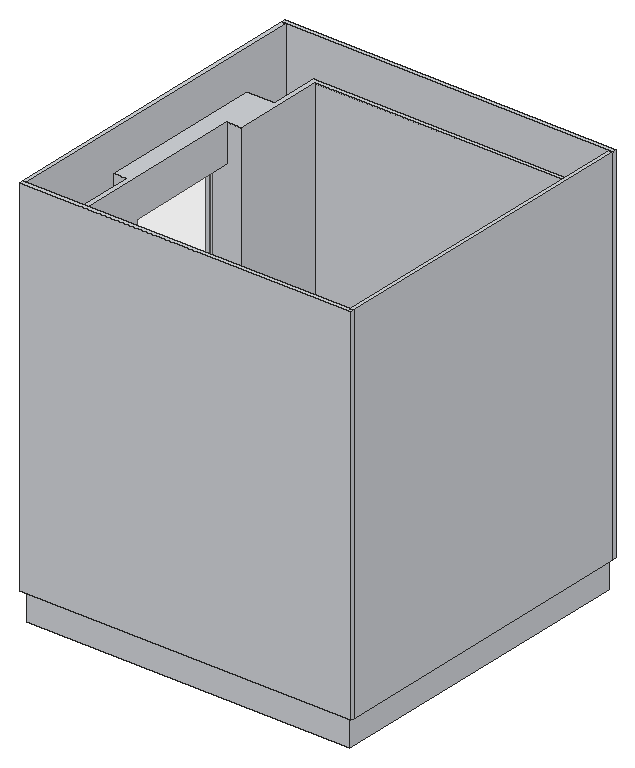
Revit family "Fira Modules 2.0", category Generic Models, Revit 2015 (continued)
Lines and regions (mm)
  model lines
    curve 697: arc (2258, 2143.992, 744) -> (2258, 2147.524, 745.453) -> (2258, 2149, 748.976) r 5
    curve 698: line (2258, 2149, 748.976) -> (2258, 2149, 876)
    curve 699: arc (2258, 2149, 876) -> (2258, 2150.458, 879.53) -> (2258, 2153.983, 881) r 5
    curve 700: line (2258, 2254, 881) -> (2258, 1871.983, 881)
    curve 701: arc (2258, 1871.983, 881) -> (2258, 1875.533, 879.538) -> (2258, 1877, 875.989) r 5
    curve 702: line (2258, 1877, 875.989) -> (2258, 1877, 749)
    curve 703: arc (2258, 1877, 749) -> (2258, 1878.462, 745.467) -> (2258, 1881.992, 744) r 5
    curve 704: line (2258, 444.024, 1785.48) -> (2258, 444.127, 1784.561)
    curve 705: line (2258, 444.127, 1784.561) -> (2258, 444.127, 1637.518)
    curve 706: line (2258, 444.127, 1637.518) -> (2258, 444.127, 1630.94)
    curve 707: line (2258, 444.127, 1630.94) -> (2258, 435.353, 1630.94)
    curve 708: line (2258, 435.353, 1630.94) -> (2258, 432.464, 1126.926)
    curve 709: line (2258, 432.464, 1126.926) -> (2258, 541.133, 1126.926)
    curve 710: line (2258, 541.133, 1126.926) -> (2258, 541.133, 1114.465)
    curve 711: line (2258, 541.133, 1114.465) -> (2258, 541.133, 1111.532)
    curve 712: line (2258, 541.133, 1111.532) -> (2258, 541.133, 1108.435)
    curve 713: line (2258, 541.133, 1108.435) -> (2258, 541.133, 1105.228)
    curve 714: line (2258, 541.133, 1105.228) -> (2258, 541.133, 1101.965)
    curve 715: line (2258, 541.133, 1101.965) -> (2258, 541.133, 1098.701)
    curve 716: line (2258, 541.133, 1098.701) -> (2258, 541.133, 1095.874)
    curve 717: line (2258, 389.633, 1063.965) -> (2258, 389.633, 1076.965)
    curve 718: line (2258, 389.633, 1076.965) -> (2258, 319.931, 1076.965)
    curve 719: line (2258, 319.931, 1076.965) -> (2258, 319.931, 916.674)
    curve 720: line (2258, 319.931, 916.674) -> (2258, 321.812, 881.647)
    curve 721: line (2258, 321.812, 881.647) -> (2258, 327.29, 849.23)
    curve 722: line (2258, 327.29, 849.23) -> (2258, 335.93, 821.626)
    curve 723: line (2258, 335.93, 821.626) -> (2258, 346.95, 800.896)
    curve 724: line (2258, 346.95, 800.896) -> (2258, 359.03, 788.682)
    curve 725: line (2258, 359.03, 788.682) -> (2258, 370.804, 784.881)
    curve 726: line (2258, 370.804, 784.881) -> (2258, 382.579, 788.682)
    curve 727: line (2258, 382.579, 788.682) -> (2258, 394.682, 800.972)
    curve 728: line (2258, 394.682, 800.972) -> (2258, 405.688, 821.675)
    curve 729: line (2258, 405.688, 821.675) -> (2258, 414.322, 849.26)
    curve 730: line (2258, 414.322, 849.26) -> (2258, 419.797, 881.661)
    curve 731: line (2258, 419.797, 881.661) -> (2258, 421.677, 916.675)
    curve 732: line (2258, 421.677, 916.675) -> (2258, 422.291, 1076.965)
    curve 733: line (2258, 422.291, 1076.965) -> (2258, 407.633, 1076.965)
    curve 734: line (2258, 407.633, 1076.965) -> (2258, 407.633, 1063.965)
    curve 735: line (2258, 412.361, 1126.965) -> (2258, 412.361, 1630.94)
    curve 736: line (2258, 412.361, 1630.94) -> (2258, 425.373, 1630.94)
    curve 737: line (2258, 425.373, 1630.94) -> (2258, 422.483, 1126.965)
    curve 738: line (2258, 422.483, 1126.965) -> (2258, 412.361, 1126.965)
    curve 739: line (2258, 415.619, 1674.965) -> (2258, 414.752, 1674.965)
    curve 740: line (2258, 414.752, 1674.965) -> (2258, 413.661, 1674.965)
    curve 741: line (2258, 413.661, 1674.965) -> (2258, 412.361, 1674.965)
    curve 742: line (2258, 412.361, 1674.965) -> (2258, 412.361, 1788.784)
    curve 743: line (2258, 412.361, 1788.784) -> (2258, 410.764, 1789.407)
    curve 744: line (2258, 412.361, 1879.637) -> (2258, 412.361, 1955.265)
    curve 745: line (2258, 412.361, 1955.265) -> (2258, 390.361, 1955.265)
    curve 746: line (2258, 390.361, 1955.265) -> (2258, 390.361, 1863.168)
    curve 747: line (2258, 1836, 669) -> (2258, 2098, 669)
    curve 748: line (2258, 2181.012, 881) -> (2258, 2179.76, 890.137)
    curve 749: line (2258, 2179.76, 890.137) -> (2258, 2168.962, 968.967)
    curve 750: line (2258, 2168.962, 968.967) -> (2258, 2104.075, 969.797)
    curve 751: line (2258, 2106.685, 1033.302) -> (2258, 2160.604, 1029.981)
    curve 752: line (2258, 2160.604, 1029.981) -> (2258, 2159.887, 1035.209)
    curve 753: line (2258, 2159.887, 1035.209) -> (2258, 2192.521, 1039.679)
    curve 754: line (2258, 2192.521, 1039.679) -> (2258, 2195.083, 1020.983)
    curve 755: line (2258, 2195.083, 1020.983) -> (2258, 2197.767, 1001.564)
    curve 756: line (2258, 2197.767, 1001.564) -> (2258, 2199.693, 987.502)
    curve 757: line (2258, 2199.693, 987.502) -> (2258, 2212.417, 894.61)
    curve 758: line (2258, 2212.417, 894.61) -> (2258, 2213.943, 883.47)
    curve 759: line (2258, 2213.943, 883.47) -> (2258, 2214.282, 881)
    curve 760: line (2258, 2161.615, 1022.601) -> (2258, 2106.14, 1026.02)
    curve 761: line (2258, 2164.438, 1001.988) -> (2258, 2161.615, 1022.601)
    curve 762: line (2258, 390.379, 1805.633) -> (2258, 390.379, 1674.965)
    curve 763: line (2258, 390.379, 1674.965) -> (2258, 390.379, 1126.965)
    curve 764: line (2258, 390.379, 1126.965) -> (2258, 256.133, 1126.965)
    curve 765: line (2258, 256.133, 1126.965) -> (2258, 256.133, 1076.965)
    curve 766: line (2258, 389.633, 1076.965) -> (2258, 319.931, 1076.965)
    curve 767: line (2258, 319.931, 1076.965) -> (2258, 319.931, 916.674)
    curve 768: line (2258, 319.931, 916.674) -> (2258, 321.812, 881.647)
    curve 769: line (2258, 321.812, 881.647) -> (2258, 327.29, 849.23)
    curve 770: line (2258, 327.29, 849.23) -> (2258, 335.93, 821.626)
    curve 771: line (2258, 335.93, 821.626) -> (2258, 346.95, 800.896)
    curve 772: line (2258, 346.95, 800.896) -> (2258, 359.03, 788.682)
    curve 773: line (2258, 359.03, 788.682) -> (2258, 370.804, 784.881)
    curve 774: line (2258, 370.804, 784.881) -> (2258, 382.579, 788.682)
    curve 775: line (2258, 382.579, 788.682) -> (2258, 394.682, 800.972)
    curve 776: line (2258, 394.682, 800.972) -> (2258, 405.688, 821.675)
    curve 777: line (2258, 405.688, 821.675) -> (2258, 414.322, 849.26)
    curve 778: line (2258, 414.322, 849.26) -> (2258, 419.797, 881.661)
    curve 779: line (2258, 419.797, 881.661) -> (2258, 421.677, 916.675)
    curve 780: line (2258, 421.677, 916.675) -> (2258, 422.291, 1076.965)
    curve 781: line (2258, 422.291, 1076.965) -> (2258, 407.633, 1076.965)
    curve 782: line (2258, 407.633, 1076.965) -> (2258, 407.633, 1063.965)
    curve 783: line (2258, 2168.962, 968.967) -> (2258, 2104.075, 969.797)
    curve 784: line (2258, 2104.075, 964.117) -> (2258, 2085.616, 964.746)
    curve 785: line (2258, 2079.391, 970.041) -> (2258, 2079.766, 1003.073)
    curve 786: line (2258, 2079.766, 1003.073) -> (2258, 2164.438, 1001.988)
    curve 787: line (2258, 2161.615, 1022.601) -> (2258, 2106.14, 1026.02)
    curve 788: line (2258, 2106.685, 1033.302) -> (2258, 2160.604, 1029.981)
    curve 789: line (2258, 2159.887, 1035.209) -> (2258, 2192.521, 1039.679)
    curve 790: line (2258, 2168.962, 968.967) -> (2258, 2104.075, 969.797)
    curve 791: line (2258, 2085.616, 964.746) -> (2258, 2085.804, 970.041)
    curve 792: line (2258, 2199.693, 987.502) -> (2258, 2212.417, 894.61)
    curve 793: line (2258, 412.361, 1879.637) -> (2258, 412.361, 1955.265)
    curve 794: line (2258, 412.361, 1955.265) -> (2258, 390.361, 1955.265)
    curve 795: line (2258, 390.361, 1955.265) -> (2258, 390.361, 1863.168)
    curve 796: line (2258, 389.633, 1063.965) -> (2258, 389.633, 1076.965)
    curve 797: line (2258, 389.633, 1076.965) -> (2258, 319.931, 1076.965)
    curve 798: line (2258, 319.931, 1076.965) -> (2258, 319.931, 916.674)
    curve 799: line (2258, 319.931, 916.674) -> (2258, 321.812, 881.647)
    curve 800: line (2258, 321.812, 881.647) -> (2258, 327.29, 849.23)
    curve 801: line (2258, 327.29, 849.23) -> (2258, 335.93, 821.626)
    curve 802: line (2258, 335.93, 821.626) -> (2258, 346.95, 800.896)
    curve 803: line (2258, 346.95, 800.896) -> (2258, 359.03, 788.682)
    curve 804: line (2258, 359.03, 788.682) -> (2258, 370.804, 784.881)
    curve 805: line (2258, 370.804, 784.881) -> (2258, 382.579, 788.682)
    curve 806: line (2258, 382.579, 788.682) -> (2258, 394.682, 800.972)
    curve 807: line (2258, 394.682, 800.972) -> (2258, 405.688, 821.675)
    curve 808: line (2258, 405.688, 821.675) -> (2258, 414.322, 849.26)
    curve 809: line (2258, 414.322, 849.26) -> (2258, 419.797, 881.661)
    curve 810: line (2258, 419.797, 881.661) -> (2258, 421.677, 916.675)
    curve 811: line (2258, 421.677, 916.675) -> (2258, 422.291, 1076.965)
    curve 812: line (2258, 422.291, 1076.965) -> (2258, 407.633, 1076.965)
    curve 813: line (2258, 407.633, 1076.965) -> (2258, 407.633, 1063.965)
    curve 814: line (2258, 412.361, 1126.965) -> (2258, 412.361, 1630.94)
    curve 815: line (2258, 412.361, 1630.94) -> (2258, 425.373, 1630.94)
    curve 816: line (2258, 425.373, 1630.94) -> (2258, 422.483, 1126.965)
    curve 817: line (2258, 422.483, 1126.965) -> (2258, 412.361, 1126.965)
    curve 818: spline (2258, 433.81, 1783.897) -> (2258, 420.066, 1785.601) -> (2258, 407.258, 1790.596) -> (2258, 396.26, 1798.542) -> (2258, 387.821, 1808.897) -> (2258, 382.516, 1820.956) -> (2258, 380.707, 1833.897) -> (2258, 382.516, 1846.838) -> (2258, 387.821, 1858.897) -> (2258, 396.26, 1869.253) -> (2258, 407.258, 1877.198) -> (2258, 420.066, 1882.193) -> (2258, 433.81, 1883.897) -> (2258, 447.555, 1882.193) -> (2258, 460.362, 1877.198) -> (2258, 471.36, 1869.253) -> (2258, 479.799, 1858.897) -> (2258, 485.105, 1846.838) -> (2258, 486.914, 1833.897) -> (2258, 485.105, 1820.956) -> (2258, 479.799, 1808.897) -> (2258, 471.36, 1798.542) -> (2258, 460.362, 1790.596) -> (2258, 447.555, 1785.601) -> (2258, 433.81, 1783.897)
    curve 819: line (2258, 408, 2248) -> (2258, 562, 2248)
    curve 820: line (2258, 566, 2266) -> (2258, 566, 2265)
    curve 821: arc (2258, 566, 2265) -> (2258, 564.554, 2263.909) -> (2258, 564, 2262.184) r 3
    curve 822: line (2258, 564, 2262.184) -> (2258, 564, 2250)
    curve 823: arc (2258, 564, 2250) -> (2258, 563.414, 2248.586) -> (2258, 562, 2248) r 2
    curve 824: line (2258, 562, 2248) -> (2258, 408, 2248)
    curve 825: arc (2258, 408, 2248) -> (2258, 406.586, 2248.586) -> (2258, 406, 2250) r 2
    curve 826: line (2258, 406, 2250) -> (2258, 406, 2262.184)
    curve 827: arc (2258, 406, 2262.184) -> (2258, 405.446, 2263.909) -> (2258, 404, 2265) r 3
    curve 828: line (2258, 404, 2265) -> (2258, 404, 2266)
    curve 829: line (2258, 915.011, -30.32) -> (2258, 890.989, -30.32)
    curve 830: line (2258, 890.989, -30.32) -> (2258, 805.124, -20.62)
    curve 831: line (2258, 805.124, -20.62) -> (2258, 802, -15.62)
    curve 832: line (2258, 802, -15.62) -> (2258, 32, -0.2)
    curve 833: line (2258, 32, -0.2) -> (2258, 32, 2266)
    curve 834: line (2258, 2259, 0) -> (2258, 1004, -15.62)
    curve 835: line (2258, 1004, -15.62) -> (2258, 1000.876, -20.62)
    curve 836: line (2258, 1000.876, -20.62) -> (2258, 915.011, -30.32)
    curve 837: line (2258, 390.379, 1126.965) -> (2258, 256.133, 1126.965)
    curve 838: line (2258, 310.017, 1076.965) -> (2258, 256.133, 1076.965)
    curve 839: line (2258, 541.133, 1076.965) -> (2258, 432.273, 1076.965)
    curve 840: line (2258, 541.133, 1126.926) -> (2258, 541.133, 1076.965)
    curve 841: line (2258, 310.017, 916.405) -> (2258, 310.017, 1076.965)
    curve 842: line (2258, 326.742, 817.789) -> (2258, 317.626, 846.913)
    curve 843: line (2258, 353.703, 779.914) -> (2258, 338.868, 794.978)
    curve 844: line (2258, 370.837, 774.384) -> (2258, 353.703, 779.914)
    curve 845: line (2258, 387.971, 779.914) -> (2258, 370.837, 774.384)
    curve 846: line (2258, 402.806, 794.978) -> (2258, 387.971, 779.914)
    curve 847: line (2258, 414.932, 817.789) -> (2258, 402.806, 794.978)
    curve 848: line (2258, 424.048, 846.913) -> (2258, 414.932, 817.789)
    curve 849: line (2258, 429.732, 880.551) -> (2258, 424.048, 846.913)
    curve 850: line (2258, 431.657, 916.405) -> (2258, 429.732, 880.551)
    curve 851: line (2258, 432.273, 1076.965) -> (2258, 431.657, 916.405)
    curve 852: line (2258, 326.742, 817.789) -> (2258, 317.626, 846.913)
    curve 853: line (2258, 317.626, 846.913) -> (2258, 311.942, 880.551)
    curve 854: line (2258, 311.942, 880.551) -> (2258, 310.017, 916.405)
    curve 855: line (2258, 353.703, 779.914) -> (2258, 338.868, 794.978)
    curve 856: line (2258, 338.868, 794.978) -> (2258, 326.742, 817.789)
    curve 857: line (2258, 327.29, 849.23) -> (2258, 335.93, 821.626)
    curve 858: line (2258, 321.812, 881.647) -> (2258, 327.29, 849.23)
    curve 859: line (2258, 319.931, 916.674) -> (2258, 321.812, 881.647)
    curve 860: line (2258, 389.633, 1063.965) -> (2258, 389.633, 1076.965)
    curve 861: line (2258, 420.127, 1786.246) -> (2258, 420.127, 1674.965)
    curve 862: line (2258, 412.361, 1674.965) -> (2258, 412.361, 1788.784)
    curve 863: line (2258, 420.127, 1674.965) -> (2258, 416.25, 1674.965)
    curve 864: line (2258, 425.373, 1630.94) -> (2258, 422.483, 1126.965)
    curve 865: line (2258, 412.361, 1630.94) -> (2258, 425.373, 1630.94)
    curve 866: line (2258, 444.127, 1630.94) -> (2258, 435.353, 1630.94)
    curve 867: line (2258, 412.361, 1955.265) -> (2258, 390.361, 1955.265)
    curve 868: line (2258, 1003.559, -15.613) -> (2258, 2258, 0)
    curve 869: line (2258, 1000.468, -20.559) -> (2258, 914.949, -30.32)
    curve 870: line (2258, 915.011, -30.32) -> (2258, 890.989, -30.32)
    curve 871: line (2258, 891.051, -30.32) -> (2258, 805.532, -20.559)
    curve 872: line (2258, 1000.876, -20.62) -> (2258, 1004, -15.62)
    curve 873: line (2258, 805.532, -20.559) -> (2258, 802.439, -15.609)
    curve 874: line (2258, 802.439, -15.609) -> (2258, 32, -0.2)
    curve 875: line (2258, 2104.075, 969.797) -> (2258, 2104.075, 964.117)
    curve 876: line (2258, 2106.685, 1033.302) -> (2258, 2106.14, 1026.02)
    curve 877: line (2258, 32, 2266) -> (2258, 2258, 2266)
    curve 878: line (2258, 407.633, 1063.965) -> (2258, 389.633, 1063.965)
    curve 879: line (2258, 2258, 0) -> (2258, 2258, 2266)
    curve 880: line (2258, 1007, 3.46) -> (2258, 1620.5, 11.081)
    curve 881: line (2258, 790, 3.46) -> (2258, 1007, 3.46)
    curve 882: line (2258, 32, 18.32) -> (2258, 790, 3.46)
    curve 883: line (2258, 1620.5, 11.081) -> (2258, 1937.75, 14.753)
    curve 884: line (2258, 2106.578, 17) -> (2258, 1937.75, 14.753)
    curve 885: line (2258, 2258, 17) -> (2258, 2106.578, 17)
    curve 886: line (2258, 2085.804, 970.041) -> (2258, 2079.391, 970.041)
    curve 887: line (2258, 2085.804, 970.041) -> (2258, 2079.391, 970.041)
    curve 888: line (2198.227, 32, 1180.172) -> (2056.806, 32, 1321.593)
    curve 889: line (2119.484, 32, 1170.29) -> (2048.773, 32, 1241.001)
    curve 890: line (2248, 32, 0) -> (2248, 32, 2266)
    curve 891: line (2248, 32, 2266) -> (392, 32, 2266)
    curve 892: line (1610.201, 32, 2266) -> (1610.201, 32, 2264.999)
    curve 893: arc (1610.201, 32, 2264.999) -> (1611.652, 32, 2263.901) -> (1612.203, 32, 2262.168) r 3.002
    curve 894: line (1612.203, 32, 2262.168) -> (1612.203, 32, 2250.001)
    curve 895: arc (1612.203, 32, 2250.001) -> (1612.79, 32, 2248.584) -> (1614.206, 32, 2247.997) r 2.003
    curve 896: line (1614.206, 32, 2247.997) -> (1768.218, 32, 2247.997)
    curve 897: arc (1768.218, 32, 2247.997) -> (1769.62, 32, 2248.589) -> (1770.2, 32, 2249.996) r 1.999
    curve 898: line (1770.2, 32, 2249.996) -> (1770.2, 32, 2262.171)
    curve 899: arc (1770.2, 32, 2262.171) -> (1770.75, 32, 2263.904) -> (1772.2, 32, 2265) r 3
    curve 900: line (1772.2, 32, 2265) -> (1772.2, 32, 2266)
    curve 901: line (1999, 32, 8) -> (1999, 32, 2266)
    curve 902: line (1110.455, 32, 7) -> (1110.455, 32, 2266)
    curve 903: circle (1075.455, 32, 1007) r 20 normal (0, 1, 0)
    curve 904: line (803.521, 32, 1074.106) -> (520.678, 32, 1356.949)
    curve 905: line (2248, 32, 8) -> (1999, 32, 8)
    curve 906: line (1110.455, 32, 15.939) -> (1998, 32, 15.939)
    curve 907: line (392, 32, 2.615) -> (2248, 32, 2.615)
    curve 908: line (1055.5, 32, 7) -> (1110.455, 32, 7)
    curve 909: line (1057.5, 32, 7) -> (1057.5, 32, 2.615)
    curve 910: line (1055.5, 32, 10.364) -> (1055.5, 32, 2.615)
    curve 911: line (1042.5, 32, 10.364) -> (1055.5, 32, 10.364)
    curve 912: line (1042.5, 32, 2.615) -> (1042.5, 32, 10.364)
    curve 913: line (1040.5, 32, 2.615) -> (1040.5, 32, 7)
    curve 914: line (392, 32, 7) -> (1042.5, 32, 7)
    curve 915: line (392, 32, 2.615) -> (2248, 32, 2.615)
    curve 916: line (392, 32, 0) -> (2248, 32, 0)
    curve 917: line (689.422, 32, 1099.58) -> (548, 32, 1241.001)
    curve 918: line (2198.227, 32, 1180.172) -> (2056.806, 32, 1321.593)
    curve 919: line (2119.484, 32, 1170.29) -> (2048.773, 32, 1241.001)
    curve 920: line (2248, 32, 0) -> (2248, 32, 2266)
    curve 921: line (2248, 32, 2266) -> (392, 32, 2266)
    curve 922: line (1610.201, 32, 2266) -> (1610.201, 32, 2264.999)
    curve 923: arc (1610.201, 32, 2264.999) -> (1611.652, 32, 2263.901) -> (1612.203, 32, 2262.168) r 3.002
    curve 924: line (1612.203, 32, 2262.168) -> (1612.203, 32, 2250.001)
    curve 925: arc (1612.203, 32, 2250.001) -> (1612.79, 32, 2248.584) -> (1614.206, 32, 2247.997) r 2.003
    curve 926: line (1614.206, 32, 2247.997) -> (1768.218, 32, 2247.997)
    curve 927: arc (1768.218, 32, 2247.997) -> (1769.62, 32, 2248.589) -> (1770.2, 32, 2249.996) r 1.999
    curve 928: line (1770.2, 32, 2249.996) -> (1770.2, 32, 2262.171)
    curve 929: arc (1770.2, 32, 2262.171) -> (1770.75, 32, 2263.904) -> (1772.2, 32, 2265) r 3
    curve 930: line (1772.2, 32, 2265) -> (1772.2, 32, 2266)
    curve 931: line (1999, 32, 8) -> (1999, 32, 2266)
    curve 932: line (1110.455, 32, 7) -> (1110.455, 32, 2266)
    curve 933: circle (1075.455, 32, 1007) r 20 normal (0, 1, 0)
    curve 934: line (803.521, 32, 1074.106) -> (520.678, 32, 1356.949)
    curve 935: line (2248, 32, 8) -> (1999, 32, 8)
    curve 936: line (1110.455, 32, 15.939) -> (1998, 32, 15.939)
    curve 937: line (392, 32, 2.615) -> (2248, 32, 2.615)
    curve 938: line (1055.5, 32, 7) -> (1110.455, 32, 7)
    curve 939: line (1057.5, 32, 7) -> (1057.5, 32, 2.615)
    curve 940: line (1055.5, 32, 10.364) -> (1055.5, 32, 2.615)
    curve 941: line (1042.5, 32, 10.364) -> (1055.5, 32, 10.364)
    curve 942: line (1042.5, 32, 2.615) -> (1042.5, 32, 10.364)
    curve 943: line (1040.5, 32, 2.615) -> (1040.5, 32, 7)
    curve 944: line (392, 32, 7) -> (1042.5, 32, 7)
    curve 945: line (392, 32, 2.615) -> (2248, 32, 2.615)
    curve 946: line (392, 32, 0) -> (2248, 32, 0)
    curve 947: line (689.422, 32, 1099.58) -> (548, 32, 1241.001)
    curve 948: line (132, 810, 23) -> (31, 810, 23)
    curve 949: line (31, 810, 23) -> (31, 810, 13)
    curve 950: line (132, 1616, 23) -> (31, 1616, 23)
    curve 951: line (31, 1616, 23) -> (31, 1616, 13)
    curve 952: line (29, 1616, 2065) -> (0, 1616, 2065)
    curve 953: line (29, 1616, 2051) -> (29, 1616, 2065)
    curve 954: line (132, 1616, 2051) -> (29, 1616, 2051)
    curve 955: line (132, 798, 2051) -> (29, 798, 2051)
    curve 956: line (29, 798, 2051) -> (29, 798, 2065)
    curve 957: line (29, 798, 2065) -> (0, 798, 2065)
    curve 958: line (132, 1616, -8.127) -> (132, 1013.992, -15.62)
    curve 959: line (132, 1616, -8.127) -> (132, 1013.992, -15.62)
    curve 960: line (132, 1616, 2266) -> (237, 1616, 2266)
    curve 961: line (132, 1616, 2266) -> (237, 1616, 2266)
    curve 962: line (100, 340, 0) -> (100, 248, 0)
    curve 963: line (100, 248, 0) -> (0, 248, 0)
    curve 964: line (100, 340, 2320) -> (100, 248, 2320)
    curve 965: line (100, 248, 2320) -> (0, 248, 2320)
    curve 966: line (0, 2268, 2065) -> (29, 2268, 2065)
    curve 967: line (29, 2268, 2065) -> (29, 2268, 2051)
    curve 968: line (132, 1616, 0) -> (132, 1918, 0)
    curve 969: line (132, 1918, 0) -> (237, 1918, 0)
Text (mm)
  text "Käyttö sallittu FIRA Modulesin luvalla.\n\nÄlä muokkaa modulin mittoja tai sisältöä." at (296.035, -451.463, 0), in view "Ref. Level"
Dimensions and locks
  locked: Extrusion 3 sketch curve to Extrusion 3 sketch curve at 26
  locked: Extrusion 5 sketch curve to Extrusion 5 sketch curve at 26
  locked: Extrusion 6 sketch curve to Extrusion 6 sketch curve at 26
  locked: Extrusion 7 sketch curve to Extrusion 2 at 26
  locked: Extrusion 10 sketch curve to Extrusion 10 sketch curve at 9
  "Kipsilevyn pituus": plane 4 to plane 5
  "Kipsilevyn korkeus": cut or joined group of Extrusion 7, Extrusion 8, Extrusion 11 to level
  "Kipsilevyn korkeus": Extrusion 6 to level
  "Kipsilevyn korkeus": Extrusion 5 to level
  "Kipsilevyn korkeus": level to Extrusion 3
  aligned and locked: level to plane 2
  aligned and locked: Extrusion 1 sketch curve to import instance  (x16)
  aligned and locked: import instance to Extrusion 1 sketch curve  (x2)
  aligned and locked: Extrusion 2 sketch curve to import instance  (x4)
  aligned and locked: Extrusion 3 sketch curve to import instance
  aligned and locked: Extrusion 4 sketch curve to import instance  (x6)
  aligned and locked: Extrusion 1 to Extrusion 4 sketch curve  (x2)
  aligned and locked: import instance to Extrusion 5 sketch curve  (x2)
  aligned and locked: Extrusion 6 sketch curve to import instance
  aligned and locked: Extrusion 5 sketch curve to import instance
  aligned and locked: Extrusion 7 sketch curve to import instance  (x2)
  aligned and locked: import instance to Extrusion 7 sketch curve
  aligned and locked: Extrusion 7 to Extrusion 6 sketch curve
  aligned and locked: Extrusion 3 sketch curve to Extrusion 7
  aligned and locked: cut or joined group of Extrusion 1, Extrusion 4 to Extrusion 8 sketch curve
  aligned and locked: plane 3 "Center (Left/Right)" to Extrusion 8 sketch curve
  aligned and locked: Extrusion 7 to Extrusion 8 sketch curve
  aligned and locked: Extrusion 8 sketch curve to cut or joined group of Extrusion 1, Extrusion 4
  aligned and locked: curve 948 to Extrusion 9 sketch curve
  aligned and locked: Extrusion 9 to cut or joined group of Extrusion 1, Extrusion 4  (x2)
  aligned and locked: Extrusion 10 sketch curve to cut or joined group of Extrusion 1, Extrusion 4  (x2)
  aligned and locked: plane 4 to import instance
  aligned and locked: plane 5 to Extrusion 3 sketch curve
  aligned and locked: Extrusion 6 sketch curve to plane 5
  aligned and locked: cut or joined group of Extrusion 7, Extrusion 8, Extrusion 11 to Extrusion 11 sketch curve
  aligned and locked: cut or joined group of Extrusion 7, Extrusion 8, Extrusion 11 to cut or joined group of Extrusion 7, Extrusion 8, Extrusion 11
  aligned and locked: Extrusion 12 to cut or joined group of Extrusion 7, Extrusion 8, Extrusion 11
  aligned and locked: Extrusion 14 to Extrusion 13
  aligned and locked: Extrusion 18 to Extrusion 17
Automatic sketch dimensions
  curve 948 to Extrusion 4 = 0 mm
  curve 949 to Extrusion 4 = 2 mm
  Extrusion 4 to curve 948 = 23 mm
  curve 948 to curve 949 = 10 mm
  Extrusion 9 sketch curve to Extrusion 4 = 0 mm
  Extrusion 4 to Extrusion 9 sketch curve = 0 mm
  Extrusion 4 to Extrusion 9 sketch curve = 2 mm
  Extrusion 9 sketch curve to Extrusion 9 sketch curve = 100 mm
  Extrusion 4 to Extrusion 9 sketch curve = 13 mm
  curve 950 to Extrusion 1 = 0 mm
  Extrusion 1 to curve 951 = 23 mm
  curve 951 to Extrusion 1 = 101 mm
  curve 950 to curve 951 = 10 mm
  plane 3 "Center (Left/Right)" to Extrusion 10 sketch curve = 18.906 mm
  curve 956 to Extrusion 4 = 0 mm
  curve 955 to Extrusion 4 = 0 mm
  curve 956 to Extrusion 4 = 14 mm
  Extrusion 4 to curve 957 = 0 mm
  Extrusion 4 to curve 955 = 103 mm
  Extrusion 11 sketch curve to plane 3 "Center (Left/Right)" = 0 mm
  Extrusion 11 sketch curve to plane 1 "Center (Front/Back)" = 248 mm
  Extrusion 11 sketch curve to Extrusion 11 sketch curve = 520 mm
  Extrusion 12 sketch curve to plane 3 "Center (Left/Right)" = 0 mm
  Extrusion 12 sketch curve to plane 3 "Center (Left/Right)" = 26 mm
  Extrusion 12 sketch curve to plane 1 "Center (Front/Back)" = 248 mm
  Extrusion 12 sketch curve to Extrusion 12 sketch curve = 520 mm
  Extrusion 13 sketch curve to Extrusion 13 sketch curve = 10 mm
  Extrusion 13 sketch curve to Extrusion 13 sketch curve = 103 mm
  Extrusion 14 sketch curve to Extrusion 13 = 29.877 mm
  Extrusion 13 to Extrusion 14 sketch curve = 34.382 mm
  Extrusion 15 sketch curve to Extrusion 15 sketch curve = 140 mm
  Extrusion 15 sketch curve to Extrusion 15 sketch curve = 7.5 mm
  Extrusion 16 sketch curve to Extrusion 16 sketch curve = 140 mm
  Extrusion 16 sketch curve to Extrusion 16 sketch curve = 7.5 mm
  Extrusion 21 sketch curve to Extrusion 13 = 29.877 mm
  Extrusion 13 to Extrusion 21 sketch curve = 34.382 mm
  Extrusion 17 sketch curve to Extrusion 17 sketch curve = 10 mm
  Extrusion 17 sketch curve to Extrusion 17 sketch curve = 103 mm
  Extrusion 18 sketch curve to Extrusion 17 = 29.877 mm
  Extrusion 17 to Extrusion 18 sketch curve = 34.382 mm
  Extrusion 19 sketch curve to Extrusion 19 sketch curve = 140 mm
  Extrusion 19 sketch curve to Extrusion 19 sketch curve = 7.5 mm
  Extrusion 20 sketch curve to Extrusion 20 sketch curve = 140 mm
  Extrusion 20 sketch curve to Extrusion 20 sketch curve = 7.5 mm
  curve 341 to curve 342 = 3.117 mm
  curve 341 to curve 339 = 195.751 mm
  curve 338 to curve 335 = 1.081 mm
  curve 335 to curve 336 = 0.18 mm
  curve 338 to curve 339 = 3.124 mm
  curve 335 to curve 327 = 4.164 mm
  curve 328 to curve 333 = 1 mm
  curve 333 to curve 333 = 6.76 mm
  curve 327 to curve 326 = 8.76 mm
  curve 326 to curve 330 = 0.574 mm
  curve 332 to curve 330 = 1.694 mm
  curve 329 to curve 325 = 12.546 mm
  curve 326 to curve 329 = 2251.115 mm
  curve 325 to curve 330 = 0.251 mm
  curve 329 to curve 335 = 0.27 mm
  curve 329 to curve 332 = 2.634 mm
  curve 335 to curve 334 = 2.364 mm
  curve 326 to curve 333 = 1 mm
  curve 333 to curve 336 = 5.634 mm
  curve 336 to curve 339 = 16.986 mm
  curve 336 to curve 341 = 16.986 mm
  curve 339 to curve 338 = 5 mm
  curve 341 to curve 341 = 5 mm
  curve 958 to curve 341 = 602.008 mm
  curve 343 to curve 327 = 806.12 mm
  curve 341 to curve 342 = 97.375 mm
  curve 342 to curve 338 = 1.002 mm
  curve 337 to curve 336 = 0.137 mm
  curve 335 to curve 328 = 0.164 mm
  curve 331 to curve 333 = 1.044 mm
  curve 325 to curve 343 = 416 mm
  curve 325 to curve 340 = 746 mm
  curve 343 to curve 327 = 4 mm
  curve 335 to curve 328 = 2.444 mm
  curve 333 to curve 331 = 2.555 mm
  curve 336 to curve 337 = 0.906 mm
  curve 325 to curve 340 = 11.105 mm
  curve 338 to curve 338 = 11 mm
  curve 338 to curve 342 = 0 mm
  curve 958 to curve 341 = 7.493 mm
  curve 439 to curve 440 = 3.117 mm
  curve 439 to curve 438 = 195.751 mm
  curve 437 to curve 434 = 1.081 mm
  curve 434 to curve 435 = 0.18 mm
  curve 437 to curve 438 = 3.124 mm
  curve 434 to curve 426 = 4.164 mm
  curve 427 to curve 432 = 1 mm
  curve 432 to curve 432 = 6.76 mm
  curve 426 to curve 425 = 8.76 mm
  curve 425 to curve 429 = 0.574 mm
  curve 431 to curve 429 = 1.694 mm
  curve 428 to curve 424 = 12.546 mm
  curve 425 to curve 428 = 2251.115 mm
  curve 424 to curve 429 = 0.251 mm
  curve 428 to curve 434 = 0.27 mm
  curve 428 to curve 431 = 2.634 mm
  curve 434 to curve 433 = 2.364 mm
  curve 425 to curve 432 = 1 mm
  curve 432 to curve 435 = 5.634 mm
  curve 435 to curve 438 = 16.986 mm
  curve 435 to curve 439 = 16.986 mm
  curve 438 to curve 437 = 5 mm
  curve 439 to curve 439 = 5 mm
  curve 959 to curve 439 = 602.008 mm
  curve 441 to curve 426 = 806.12 mm
  curve 439 to curve 440 = 97.375 mm
  curve 440 to curve 437 = 1.002 mm
  curve 436 to curve 435 = 0.137 mm
  curve 434 to curve 427 = 0.164 mm
  curve 430 to curve 432 = 1.044 mm
  curve 424 to curve 441 = 416 mm
  curve 424 to curve 442 = 746 mm
  curve 441 to curve 426 = 4 mm
  curve 434 to curve 427 = 2.444 mm
  curve 432 to curve 430 = 2.555 mm
  curve 435 to curve 436 = 0.906 mm
  curve 424 to curve 442 = 11.105 mm
  curve 437 to curve 437 = 11 mm
  curve 437 to curve 440 = 0 mm
  curve 959 to curve 439 = 7.493 mm
  curve 661 to curve 543 = 224.133 mm
  curve 543 to curve 616 = 53.884 mm
  curve 619 to curve 631 = 1.925 mm
  curve 631 to curve 630 = 5.684 mm
  curve 619 to curve 545 = 9.914 mm
  curve 631 to curve 636 = 9.87 mm
  curve 620 to curve 620 = 9.116 mm
  curve 620 to curve 547 = 9.664 mm
  curve 620 to curve 635 = 9.187 mm
  curve 620 to curve 633 = 12.126 mm
  curve 621 to curve 580 = 8.082 mm
  curve 621 to curve 622 = 14.835 mm
  curve 621 to curve 550 = 5.326 mm
  curve 502 to curve 582 = 11.774 mm
  curve 503 to curve 622 = 0.033 mm
  curve 503 to curve 504 = 11.774 mm
  curve 504 to curve 623 = 5.392 mm
  curve 496 to curve 495 = 69.701 mm
  curve 656 to curve 645 = 358.361 mm
  curve 524 to curve 540 = 0.018 mm
  curve 504 to curve 506 = 12.103 mm
  curve 505 to curve 625 = 8.124 mm
  curve 523 to curve 605 = 12.639 mm
  curve 605 to curve 606 = 1 mm
  curve 505 to curve 555 = 11.006 mm
  curve 605 to curve 604 = 3 mm
  curve 495 to curve 591 = 18 mm
  curve 604 to curve 603 = 2 mm
  curve 541 to curve 516 = 21.982 mm
  curve 540 to curve 640 = 21.982 mm
  curve 523 to curve 522 = 22 mm
  curve 519 to curve 519 = 1.3 mm
  curve 506 to curve 508 = 8.634 mm
  curve 518 to curve 518 = 1.09 mm
  curve 506 to curve 625 = 9.244 mm
  curve 507 to curve 556 = 5.475 mm
  curve 517 to curve 641 = 5.375 mm
  curve 556 to curve 589 = 1.88 mm
  curve 511 to curve 559 = 14.659 mm
  curve 513 to curve 515 = 10.122 mm
  curve 507 to curve 626 = 9.726 mm
  curve 513 to curve 593 = 13.012 mm
  curve 508 to curve 628 = 9.935 mm
  curve 510 to curve 628 = 9.98 mm
  curve 510 to curve 617 = 9.981 mm
  curve 515 to curve 487 = 9.981 mm
  curve 514 to curve 486 = 9.98 mm
  curve 485 to curve 484 = 8.773 mm
  curve 617 to curve 617 = 108.86 mm
  curve 597 to curve 597 = 154 mm
  curve 601 to curve 600 = 2 mm
  curve 599 to curve 598 = 2 mm
  curve 598 to curve 599 = 1 mm
  curve 610 to curve 660 = 758 mm
  curve 450 to curve 453 = 1.12 mm
  curve 452 to curve 451 = 1 mm
  curve 453 to curve 454 = 1 mm  (x2)
  curve 454 to curve 455 = 6.76 mm
  curve 451 to curve 458 = 6.76 mm
  curve 455 to curve 456 = 1 mm
  curve 450 to curve 609 = 12 mm
  curve 609 to curve 651 = 0.439 mm
  curve 651 to curve 609 = 2.686 mm
  curve 608 to curve 649 = 0.407 mm
  curve 649 to curve 648 = 85.457 mm
  curve 607 to curve 648 = 24.021 mm
  curve 607 to curve 614 = 85.865 mm
  curve 613 to curve 650 = 3.124 mm
  curve 650 to curve 659 = 3 mm
  curve 659 to curve 662 = 613.5 mm
  curve 449 to curve 472 = 196.5 mm
  curve 471 to curve 470 = 5 mm
  curve 470 to curve 468 = 14 mm
  curve 467 to curve 466 = 31 mm
  curve 466 to curve 478 = 4.983 mm
  curve 478 to curve 479 = 0.017 mm
  curve 479 to curve 480 = 5 mm
  curve 480 to curve 464 = 4.978 mm
  curve 480 to curve 474 = 4.992 mm
  curve 481 to curve 481 = 0.008 mm
  curve 479 to curve 563 = 202.391 mm
  curve 563 to curve 564 = 0.375 mm
  curve 563 to curve 446 = 2.234 mm
  curve 563 to curve 569 = 6.226 mm
  curve 562 to curve 886 = 0.188 mm
  curve 443 to curve 445 = 5 mm
  curve 465 to curve 460 = 216.022 mm
  curve 569 to curve 654 = 18.271 mm
  curve 563 to curve 565 = 26.374 mm
  curve 460 to curve 664 = 8.578 mm
  curve 538 to curve 655 = 0.545 mm
  curve 525 to curve 464 = 45.978 mm
  curve 464 to curve 474 = 0.014 mm
  curve 474 to curve 463 = 0.008 mm
  curve 463 to curve 476 = 5 mm
  curve 476 to curve 477 = 5 mm
  curve 477 to curve 461 = 5 mm
  curve 529 to curve 530 = 53.202 mm
  curve 530 to curve 530 = 0.716 mm
  curve 529 to curve 538 = 1.011 mm
  curve 538 to curve 539 = 2.824 mm
  curve 539 to curve 528 = 4.523 mm
  curve 477 to curve 527 = 25.76 mm
  curve 530 to curve 567 = 32.634 mm
  curve 531 to curve 533 = 2.561 mm
  curve 532 to curve 533 = 2.684 mm
  curve 533 to curve 570 = 1.926 mm
  curve 526 to curve 536 = 32.657 mm
  curve 535 to curve 536 = 1.526 mm
  curve 663 to curve 658 = 151.422 mm
  curve 605 to curve 598 = 0 mm
  curve 598 to curve 451 = 2 mm
  curve 605 to curve 604 = 2.816 mm
  curve 598 to curve 600 = 2.816 mm
  curve 451 to curve 452 = 1 mm
  curve 451 to curve 457 = 1 mm
  curve 599 to curve 601 = 12.184 mm
  curve 604 to curve 603 = 12.184 mm
  curve 603 to curve 597 = 2 mm
  curve 597 to curve 524 = 292.735 mm
  curve 522 to curve 520 = 166.481 mm
  curve 520 to curve 483 = 4.223 mm
  curve 520 to curve 541 = 113.819 mm
  curve 641 to curve 540 = 0 mm
  curve 641 to curve 518 = 0 mm
  curve 639 to curve 483 = 37.447 mm
  curve 484 to curve 514 = 6.578 mm
  curve 483 to curve 484 = 6.578 mm
  curve 443 to curve 444 = 980 mm
  curve 513 to curve 542 = 503.976 mm
  curve 513 to curve 541 = 0 mm
  curve 515 to curve 488 = 0.038 mm
  curve 618 to curve 489 = 12.462 mm
  curve 488 to curve 490 = 2.933 mm
  curve 489 to curve 490 = 3.097 mm
  curve 490 to curve 492 = 3.207 mm
  curve 491 to curve 493 = 3.263 mm
  curve 492 to curve 493 = 3.263 mm
  curve 541 to curve 544 = 50 mm
  curve 510 to curve 495 = 0 mm
  curve 497 to curve 616 = 0 mm
  curve 493 to curve 617 = 21.737 mm
  curve 495 to curve 495 = 13 mm
  curve 447 to curve 532 = 141.321 mm
  curve 531 to curve 531 = 4.47 mm
  curve 530 to curve 566 = 1.907 mm
  curve 530 to curve 566 = 5.228 mm
  curve 529 to curve 655 = 7.282 mm
  curve 529 to curve 539 = 7.38 mm
  curve 531 to curve 533 = 18.696 mm
  curve 538 to curve 563 = 22.947 mm
  curve 538 to curve 539 = 20.613 mm
  curve 532 to curve 534 = 19.419 mm
  curve 533 to curve 570 = 14.061 mm
  curve 563 to curve 569 = 33.033 mm
  curve 569 to curve 528 = 0.243 mm
  curve 539 to curve 561 = 33.021 mm
  curve 569 to curve 569 = 5.295 mm
  curve 528 to curve 654 = 5.68 mm
  curve 512 to curve 510 = 147.29 mm
  curve 509 to curve 498 = 0.001 mm
  curve 510 to curve 629 = 0.269 mm
  curve 498 to curve 632 = 0.268 mm
  curve 527 to curve 536 = 74.357 mm
  curve 535 to curve 527 = 4.473 mm
  curve 535 to curve 536 = 11.14 mm
  curve 510 to curve 588 = 35.014 mm
  curve 497 to curve 577 = 35.027 mm
  curve 563 to curve 473 = 89.041 mm
  curve 498 to curve 632 = 1.095 mm
  curve 508 to curve 627 = 1.109 mm
  curve 478 to curve 479 = 5 mm
  curve 477 to curve 477 = 5 mm
  curve 472 to curve 471 = 12 mm
  curve 468 to curve 470 = 0 mm
  curve 477 to curve 462 = 7 mm
  curve 557 to curve 587 = 32.401 mm
  curve 498 to curve 548 = 32.416 mm
  curve 507 to curve 627 = 2.346 mm
  curve 499 to curve 630 = 2.317 mm
  curve 555 to curve 585 = 27.584 mm
  curve 499 to curve 500 = 27.604 mm
  curve 506 to curve 625 = 3.887 mm
  curve 500 to curve 630 = 3.838 mm
  curve 555 to curve 554 = 20.704 mm
  curve 500 to curve 580 = 20.73 mm
  curve 505 to curve 624 = 5.994 mm
  curve 501 to curve 634 = 5.918 mm
  curve 505 to curve 583 = 12.29 mm
  curve 501 to curve 582 = 12.214 mm
  curve 502 to curve 551 = 3.8 mm
  curve 502 to curve 633 = 8.767 mm
  curve 504 to curve 624 = 8.767 mm
  curve 503 to curve 623 = 10.497 mm
  curve 466 to curve 481 = 120 mm
  curve 461 to curve 463 = 120 mm
  curve 463 to curve 476 = 0.024 mm
  curve 474 to curve 464 = 10 mm
  curve 464 to curve 468 = 65 mm
  curve 460 to curve 663 = 652 mm
  curve 663 to curve 659 = 5.919 mm
  curve 449 to curve 456 = 3.081 mm
  curve 456 to curve 454 = 0 mm
  curve 454 to curve 661 = 3.54 mm
  curve 450 to curve 611 = 3.66 mm
  curve 450 to curve 652 = 19.069 mm
  curve 659 to curve 612 = 19.08 mm
  curve 651 to curve 610 = 0.011 mm
  curve 651 to curve 649 = 4.95 mm
  curve 649 to curve 609 = 0.061 mm
  curve 612 to curve 614 = 5 mm
  curve 613 to curve 648 = 9.7 mm
  curve 521 to curve 520 = 1.597 mm
  curve 517 to curve 517 = 0.868 mm
  curve 517 to curve 641 = 0.631 mm
  curve 639 to curve 596 = 13.684 mm
  curve 482 to curve 482 = 0.103 mm
  curve 607 to curve 649 = 0.061 mm
  curve 647 to curve 607 = 0.061 mm
  curve 647 to curve 613 = 0.407 mm
  curve 646 to curve 612 = 0.441 mm
  curve 448 to curve 443 = 144.25 mm
  curve 663 to curve 460 = 160.25 mm
  curve 662 to curve 663 = 0 mm  (x2)
  curve 459 to curve 460 = 14 mm
  curve 476 to curve 477 = 0 mm
  curve 477 to curve 477 = 0.017 mm
  curve 526 to curve 526 = 1.252 mm
  curve 536 to curve 537 = 0.338 mm
  curve 478 to curve 461 = 4 mm
  curve 606 to curve 605 = 1 mm
  curve 603 to curve 604 = 0 mm
  curve 601 to curve 600 = 0 mm
  curve 600 to curve 601 = 0 mm
  curve 522 to curve 571 = 75.627 mm
  curve 522 to curve 573 = 16.469 mm
  curve 524 to curve 573 = 0 mm
  curve 596 to curve 520 = 45.113 mm
  curve 540 to curve 520 = 16.849 mm
  curve 521 to curve 520 = 0.623 mm
  curve 520 to curve 639 = 2.538 mm
  curve 482 to curve 482 = 0.92 mm
  curve 482 to curve 596 = 1.583 mm
  curve 493 to curve 494 = 2.828 mm
  curve 477 to curve 476 = 0 mm
  curve 462 to curve 476 = 0.024 mm
  curve 481 to curve 465 = 0 mm
  curve 462 to curve 463 = 0 mm
  curve 481 to curve 480 = 0 mm
  curve 465 to curve 466 = 0 mm
  curve 661 to curve 610 = 18.52 mm
  curve 663 to curve 459 = 0 mm
  curve 663 to curve 460 = 0.114 mm
  curve 646 to curve 612 = 0.007 mm
  curve 647 to curve 613 = 0.061 mm
  curve 649 to curve 607 = 0 mm
  curve 607 to curve 647 = 0 mm
  curve 646 to curve 612 = 1 mm
  curve 664 to curve 612 = 17 mm
  curve 612 to curve 658 = 0 mm
  curve 448 to curve 445 = 105 mm
  curve 882 to curve 765 = 224.133 mm
  curve 765 to curve 838 = 53.884 mm
  curve 841 to curve 853 = 1.925 mm
  curve 853 to curve 852 = 5.684 mm
  curve 841 to curve 767 = 9.914 mm
  curve 853 to curve 858 = 9.87 mm
  curve 842 to curve 842 = 9.116 mm
  curve 842 to curve 769 = 9.664 mm
  curve 842 to curve 857 = 9.187 mm
  curve 842 to curve 855 = 12.126 mm
  curve 843 to curve 802 = 8.082 mm
  curve 843 to curve 844 = 14.835 mm
  curve 843 to curve 772 = 5.326 mm
  curve 724 to curve 804 = 11.774 mm
  curve 725 to curve 844 = 0.033 mm
  curve 725 to curve 726 = 11.774 mm
  curve 726 to curve 845 = 5.392 mm
  curve 718 to curve 717 = 69.701 mm
  curve 877 to curve 867 = 358.361 mm
  curve 746 to curve 762 = 0.018 mm
  curve 726 to curve 728 = 12.103 mm
  curve 727 to curve 847 = 8.124 mm
  curve 745 to curve 827 = 12.639 mm
  curve 827 to curve 828 = 1 mm
  curve 727 to curve 777 = 11.006 mm
  curve 827 to curve 826 = 3 mm
  curve 717 to curve 813 = 18 mm
  curve 826 to curve 825 = 2 mm
  curve 763 to curve 738 = 21.982 mm
  curve 762 to curve 862 = 21.982 mm
  curve 745 to curve 744 = 22 mm
  curve 741 to curve 741 = 1.3 mm
  curve 728 to curve 730 = 8.634 mm
  curve 740 to curve 740 = 1.09 mm
  curve 728 to curve 847 = 9.244 mm
  curve 729 to curve 778 = 5.475 mm
  curve 739 to curve 863 = 5.375 mm
  curve 778 to curve 811 = 1.88 mm
  curve 733 to curve 781 = 14.659 mm
  curve 735 to curve 737 = 10.122 mm
  curve 729 to curve 848 = 9.726 mm
  curve 735 to curve 815 = 13.012 mm
  curve 730 to curve 850 = 9.935 mm
  curve 732 to curve 850 = 9.98 mm
  curve 732 to curve 839 = 9.981 mm
  curve 737 to curve 709 = 9.981 mm
  curve 736 to curve 708 = 9.98 mm
  curve 707 to curve 706 = 8.773 mm
  curve 839 to curve 839 = 108.86 mm
  curve 819 to curve 819 = 154 mm
  curve 823 to curve 822 = 2 mm
  curve 821 to curve 820 = 2 mm
  curve 820 to curve 821 = 1 mm
  curve 832 to curve 881 = 758 mm
  curve 672 to curve 675 = 1.12 mm
  curve 674 to curve 673 = 1 mm
  curve 675 to curve 676 = 1 mm  (x2)
  curve 676 to curve 677 = 6.76 mm
  curve 673 to curve 680 = 6.76 mm
  curve 677 to curve 678 = 1 mm
  curve 672 to curve 831 = 12 mm
  curve 831 to curve 873 = 0.439 mm
  curve 873 to curve 831 = 2.686 mm
  curve 830 to curve 871 = 0.407 mm
  curve 871 to curve 870 = 85.457 mm
  curve 829 to curve 870 = 24.021 mm
  curve 829 to curve 836 = 85.865 mm
  curve 835 to curve 872 = 3.124 mm
  curve 872 to curve 880 = 3 mm
  curve 880 to curve 883 = 613.5 mm
  curve 671 to curve 694 = 196.5 mm
  curve 693 to curve 692 = 5 mm
  curve 692 to curve 690 = 14 mm
  curve 689 to curve 688 = 31 mm
  curve 688 to curve 700 = 4.983 mm
  curve 700 to curve 701 = 0.017 mm
  curve 701 to curve 702 = 5 mm
  curve 702 to curve 686 = 4.978 mm
  curve 702 to curve 696 = 4.992 mm
  curve 703 to curve 703 = 0.008 mm
  curve 701 to curve 785 = 202.391 mm
  curve 785 to curve 786 = 0.375 mm
  curve 785 to curve 668 = 2.234 mm
  curve 785 to curve 791 = 6.226 mm
  curve 784 to curve 887 = 0.188 mm
  curve 665 to curve 667 = 5 mm
  curve 687 to curve 682 = 216.022 mm
  curve 791 to curve 875 = 18.271 mm
  curve 785 to curve 787 = 26.374 mm
  curve 682 to curve 885 = 8.578 mm
  curve 760 to curve 876 = 0.545 mm
  curve 747 to curve 686 = 45.978 mm
  curve 686 to curve 696 = 0.014 mm
  curve 696 to curve 685 = 0.008 mm
  curve 685 to curve 698 = 5 mm
  curve 698 to curve 699 = 5 mm
  curve 699 to curve 683 = 5 mm
  curve 751 to curve 752 = 53.202 mm
  curve 752 to curve 752 = 0.716 mm
  curve 751 to curve 760 = 1.011 mm
  curve 760 to curve 761 = 2.824 mm
  curve 761 to curve 750 = 4.523 mm
  curve 699 to curve 749 = 25.76 mm
  curve 752 to curve 789 = 32.634 mm
  curve 753 to curve 755 = 2.561 mm
  curve 754 to curve 755 = 2.684 mm
  curve 755 to curve 792 = 1.926 mm
  curve 748 to curve 758 = 32.657 mm
  curve 757 to curve 758 = 1.526 mm
  curve 884 to curve 879 = 151.422 mm
  curve 827 to curve 820 = 0 mm
  curve 820 to curve 673 = 2 mm
  curve 827 to curve 826 = 2.816 mm
  curve 820 to curve 822 = 2.816 mm
  curve 673 to curve 674 = 1 mm
  curve 673 to curve 679 = 1 mm
  curve 821 to curve 823 = 12.184 mm
  curve 826 to curve 825 = 12.184 mm
  curve 825 to curve 819 = 2 mm
  curve 819 to curve 746 = 292.735 mm
  curve 744 to curve 742 = 166.481 mm
  curve 742 to curve 705 = 4.223 mm
  curve 742 to curve 763 = 113.819 mm
  curve 863 to curve 762 = 0 mm
  curve 863 to curve 740 = 0 mm
  curve 861 to curve 705 = 37.447 mm
  curve 706 to curve 736 = 6.578 mm
  curve 705 to curve 706 = 6.578 mm
  curve 665 to curve 666 = 980 mm
  curve 735 to curve 764 = 503.976 mm
  curve 735 to curve 763 = 0 mm
  curve 737 to curve 710 = 0.038 mm
  curve 840 to curve 711 = 12.462 mm
  curve 710 to curve 712 = 2.933 mm
  curve 711 to curve 712 = 3.097 mm
  curve 712 to curve 714 = 3.207 mm
  curve 713 to curve 715 = 3.263 mm
  curve 714 to curve 715 = 3.263 mm
  curve 763 to curve 766 = 50 mm
  curve 732 to curve 717 = 0 mm
  curve 719 to curve 838 = 0 mm
  curve 715 to curve 839 = 21.737 mm
  curve 717 to curve 717 = 13 mm
  curve 669 to curve 754 = 141.321 mm
  curve 753 to curve 753 = 4.47 mm
  curve 752 to curve 788 = 1.907 mm
  curve 752 to curve 788 = 5.228 mm
  curve 751 to curve 876 = 7.282 mm
  curve 751 to curve 761 = 7.38 mm
  curve 753 to curve 755 = 18.696 mm
  curve 760 to curve 785 = 22.947 mm
  curve 760 to curve 761 = 20.613 mm
  curve 754 to curve 756 = 19.419 mm
  curve 755 to curve 792 = 14.061 mm
  curve 785 to curve 791 = 33.033 mm
  curve 791 to curve 750 = 0.243 mm
  curve 761 to curve 783 = 33.021 mm
  curve 791 to curve 791 = 5.295 mm
  curve 750 to curve 875 = 5.68 mm
  curve 734 to curve 732 = 147.29 mm
  curve 731 to curve 720 = 0.001 mm
  curve 732 to curve 851 = 0.269 mm
  curve 720 to curve 854 = 0.268 mm
  curve 749 to curve 758 = 74.357 mm
  curve 757 to curve 749 = 4.473 mm
  curve 757 to curve 758 = 11.14 mm
  curve 732 to curve 810 = 35.014 mm
  curve 719 to curve 799 = 35.027 mm
  curve 785 to curve 695 = 89.041 mm
  curve 720 to curve 854 = 1.095 mm
  curve 730 to curve 849 = 1.109 mm
  curve 700 to curve 701 = 5 mm
  curve 699 to curve 699 = 5 mm
  curve 694 to curve 693 = 12 mm
  curve 690 to curve 692 = 0 mm
  curve 699 to curve 684 = 7 mm
  curve 779 to curve 809 = 32.401 mm
  curve 720 to curve 770 = 32.416 mm
  curve 729 to curve 849 = 2.346 mm
  curve 721 to curve 852 = 2.317 mm
  curve 777 to curve 807 = 27.584 mm
  curve 721 to curve 722 = 27.604 mm
  curve 728 to curve 847 = 3.887 mm
  curve 722 to curve 852 = 3.838 mm
  curve 777 to curve 776 = 20.704 mm
  curve 722 to curve 802 = 20.73 mm
  curve 727 to curve 846 = 5.994 mm
  curve 723 to curve 856 = 5.918 mm
  curve 727 to curve 805 = 12.29 mm
  curve 723 to curve 804 = 12.214 mm
  curve 724 to curve 773 = 3.8 mm
  curve 724 to curve 855 = 8.767 mm
  curve 726 to curve 846 = 8.767 mm
  curve 725 to curve 845 = 10.497 mm
  curve 688 to curve 703 = 120 mm
  curve 683 to curve 685 = 120 mm
  curve 685 to curve 698 = 0.024 mm
  curve 696 to curve 686 = 10 mm
  curve 686 to curve 690 = 65 mm
  curve 682 to curve 884 = 652 mm
  curve 884 to curve 880 = 5.919 mm
  curve 671 to curve 678 = 3.081 mm
  curve 678 to curve 676 = 0 mm
  curve 676 to curve 882 = 3.54 mm
  curve 672 to curve 833 = 3.66 mm
  curve 672 to curve 874 = 19.069 mm
  curve 880 to curve 834 = 19.08 mm
  curve 873 to curve 832 = 0.011 mm
  curve 873 to curve 871 = 4.95 mm
  curve 871 to curve 831 = 0.061 mm
  curve 834 to curve 836 = 5 mm
  curve 835 to curve 870 = 9.7 mm
  curve 743 to curve 742 = 1.597 mm
  curve 739 to curve 739 = 0.868 mm
  curve 739 to curve 863 = 0.631 mm
  curve 861 to curve 818 = 13.684 mm
  curve 704 to curve 704 = 0.103 mm
  curve 829 to curve 871 = 0.061 mm
  curve 869 to curve 829 = 0.061 mm
  curve 869 to curve 835 = 0.407 mm
  curve 868 to curve 834 = 0.441 mm
  curve 670 to curve 665 = 144.25 mm
  curve 884 to curve 682 = 160.25 mm
  curve 883 to curve 884 = 0 mm  (x2)
  curve 681 to curve 682 = 14 mm
  curve 698 to curve 699 = 0 mm
  curve 699 to curve 699 = 0.017 mm
  curve 748 to curve 748 = 1.252 mm
  curve 758 to curve 759 = 0.338 mm
  curve 700 to curve 683 = 4 mm
  curve 828 to curve 827 = 1 mm
  curve 825 to curve 826 = 0 mm
  curve 823 to curve 822 = 0 mm
  curve 822 to curve 823 = 0 mm
  curve 744 to curve 793 = 75.627 mm
  curve 744 to curve 795 = 16.469 mm
  curve 746 to curve 795 = 0 mm
  curve 818 to curve 742 = 45.113 mm
  curve 762 to curve 742 = 16.849 mm
  curve 743 to curve 742 = 0.623 mm
  curve 742 to curve 861 = 2.538 mm
  curve 704 to curve 704 = 0.92 mm
  curve 704 to curve 818 = 1.583 mm
  curve 715 to curve 716 = 2.828 mm
  curve 699 to curve 698 = 0 mm
  curve 684 to curve 698 = 0.024 mm
  curve 703 to curve 687 = 0 mm
  curve 684 to curve 685 = 0 mm
  curve 703 to curve 702 = 0 mm
  curve 687 to curve 688 = 0 mm
  curve 882 to curve 832 = 18.52 mm
  curve 884 to curve 681 = 0 mm
  curve 884 to curve 682 = 0.114 mm
  curve 868 to curve 834 = 0.007 mm
  curve 869 to curve 835 = 0.061 mm
  curve 871 to curve 829 = 0 mm
  curve 829 to curve 869 = 0 mm
  curve 868 to curve 834 = 1 mm
  curve 885 to curve 834 = 17 mm
  curve 834 to curve 879 = 0 mm
  curve 670 to curve 667 = 105 mm
  curve 907 to curve 912 = 650.5 mm
  curve 911 to curve 910 = 13 mm
  curve 910 to curve 903 = 19.955 mm
  curve 908 to curve 908 = 54.955 mm
  curve 902 to curve 893 = 498.746 mm
  curve 893 to curve 892 = 1 mm
  curve 893 to curve 894 = 3.002 mm
  curve 894 to curve 896 = 2.003 mm
  curve 895 to curve 897 = 153.994 mm
  curve 897 to curve 896 = 0.017 mm
  curve 897 to curve 898 = 1.999 mm
  curve 898 to curve 900 = 2 mm
  curve 898 to curve 899 = 3 mm
  curve 902 to curve 905 = 888.545 mm
  curve 901 to curve 916 = 249 mm
  curve 892 to curve 899 = 2.827 mm
  curve 893 to curve 895 = 12.167 mm
  curve 896 to curve 903 = 1240.997 mm
  curve 903 to curve 911 = 996.636 mm
  curve 910 to curve 901 = 2.364 mm
  curve 910 to curve 908 = 3.364 mm
  curve 911 to curve 907 = 7.749 mm
  curve 907 to curve 890 = 2.615 mm
  curve 916 to curve 907 = 0 mm
  curve 907 to curve 914 = 0 mm
  curve 891 to curve 902 = 718.455 mm
  curve 904 to curve 903 = 554.777 mm
  curve 904 to curve 917 = 27.322 mm
  curve 917 to curve 917 = 141.421 mm  (x2)
  curve 917 to curve 904 = 114.099 mm
  curve 913 to curve 912 = 2 mm
  curve 908 to curve 909 = 2 mm
  curve 906 to curve 901 = 1 mm
  curve 903 to curve 889 = 973.318 mm
  curve 889 to curve 888 = 8.033 mm
  curve 889 to curve 889 = 70.711 mm
  curve 889 to curve 888 = 78.744 mm
  curve 891 to curve 899 = 3.828 mm
  curve 904 to curve 903 = 349.949 mm
  curve 901 to curve 888 = 944.407 mm
  curve 888 to curve 889 = 80.592 mm
  curve 904 to curve 917 = 115.948 mm
  curve 889 to curve 888 = 60.829 mm
  curve 888 to curve 889 = 9.882 mm
  curve 917 to curve 904 = 25.474 mm
  curve 906 to curve 902 = 8.939 mm
  curve 914 to curve 907 = 4.385 mm
  curve 937 to curve 942 = 650.5 mm
  curve 941 to curve 940 = 13 mm
  curve 940 to curve 933 = 19.955 mm
  curve 938 to curve 938 = 54.955 mm
  curve 932 to curve 923 = 498.746 mm
  curve 923 to curve 922 = 1 mm
  curve 923 to curve 924 = 3.002 mm
  curve 924 to curve 926 = 2.003 mm
  curve 925 to curve 927 = 153.994 mm
  curve 927 to curve 926 = 0.017 mm
  curve 927 to curve 928 = 1.999 mm
  curve 928 to curve 930 = 2 mm
  curve 928 to curve 929 = 3 mm
  curve 932 to curve 935 = 888.545 mm
  curve 931 to curve 946 = 249 mm
  curve 922 to curve 929 = 2.827 mm
  curve 923 to curve 925 = 12.167 mm
  curve 926 to curve 933 = 1240.997 mm
  curve 933 to curve 941 = 996.636 mm
  curve 940 to curve 931 = 2.364 mm
  curve 940 to curve 938 = 3.364 mm
  curve 941 to curve 937 = 7.749 mm
  curve 937 to curve 920 = 2.615 mm
  curve 946 to curve 937 = 0 mm
  curve 937 to curve 944 = 0 mm
  curve 921 to curve 932 = 718.455 mm
  curve 934 to curve 933 = 554.777 mm
  curve 934 to curve 947 = 27.322 mm
  curve 947 to curve 947 = 141.421 mm  (x2)
  curve 947 to curve 934 = 114.099 mm
  curve 943 to curve 942 = 2 mm
  curve 938 to curve 939 = 2 mm
  curve 936 to curve 931 = 1 mm
  curve 933 to curve 919 = 973.318 mm
  curve 919 to curve 918 = 8.033 mm
  curve 919 to curve 919 = 70.711 mm
  curve 919 to curve 918 = 78.744 mm
  curve 921 to curve 929 = 3.828 mm
  curve 934 to curve 933 = 349.949 mm
  curve 931 to curve 918 = 944.407 mm
  curve 918 to curve 919 = 80.592 mm
  curve 934 to curve 947 = 115.948 mm
  curve 919 to curve 918 = 60.829 mm
  curve 918 to curve 919 = 9.882 mm
  curve 947 to curve 934 = 25.474 mm
  curve 936 to curve 932 = 8.939 mm
  curve 944 to curve 937 = 4.385 mm
  curve 463 to curve 475 = 0 mm  (x4)
  curve 465 to curve 481 = 0 mm  (x4)
  curve 685 to curve 697 = 0 mm  (x4)
  curve 687 to curve 703 = 0 mm  (x4)
  curve 960 to curve 960 = 105 mm
  curve 961 to curve 961 = 105 mm
  curve 965 to Extrusion 1 = 0 mm
  curve 964 to Extrusion 1 = 0 mm  (x2)
  Extrusion 1 to curve 965 = 92 mm
  Extrusion 1 to curve 244 = 0 mm
  Extrusion 1 to curve 244 = 55 mm
  Extrusion 1 to curve 966 = 208 mm
  curve 966 to curve 966 = 29 mm
  Extrusion 1 to curve 966 = 255 mm
  curve 966 to curve 967 = 14 mm
  Extrusion 1 to curve 244 = 881 mm
  curve 954 to Extrusion 1 = 0 mm
  curve 953 to Extrusion 1 = 103 mm
  Extrusion 1 to curve 954 = 269 mm
  curve 952 to curve 953 = 14 mm
  curve 952 to curve 952 = 29 mm
  curve 963 to plane 3 "Center (Left/Right)" = 0 mm
  curve 963 to curve 963 = 100 mm
  curve 962 to plane 1 "Center (Front/Back)" = 248 mm
  plane 3 "Center (Left/Right)" to curve 968 = 132 mm
  curve 968 to curve 969 = 105 mm
  curve 962 to curve 962 = 92 mm
  curve 962 to curve 968 = 1276 mm
  curve 968 to curve 969 = 302 mm
  radius of Extrusion 14 sketch curve = 7.5 mm
  radius of Extrusion 21 sketch curve = 7.5 mm
  radius of Extrusion 18 sketch curve = 7.5 mm
  radius of curve 903 = 20 mm
  radius of curve 933 = 20 mm
